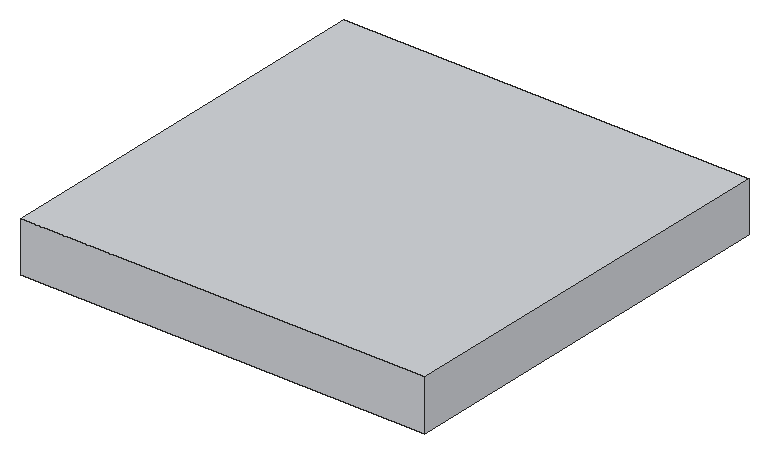
Revit family "00-6017-60-60", category Luminarias, Revit 2019
Family settings
  Anfitrión = Cara
  Cota de conector redondo = Diámetro de uso
  Tipo de pieza = Normal
  Número OmniClass = 23.80.70.00
  Título OmniClass = Lighting
  Corte con vacíos al cargar = No
  Origen de luz = No
  Compartido = Sí
  Punto de cálculo de habitación = No
Parameters (values of type "00-6017-60-60")
  Versión = "v1"
  Vatios (W) = 4.1
  Tipo de regulación = "ON-OFF"
  Tipo = "Pendant"
  Tender text (English) = "LedsC4 Candle 1 Body Surface 00-6017-60-60V3  Pendant for indoor use.   For downlighting. Structure material: Steel, Aluminium. Structure finish: Black. Diffuser material: Methacrylate. Diffuser finish: Transparent. Warranty: 5 Years.  Product net weight (Kg): 0.5 Product width or diameter (mm): 130 Product height (mm): 2500  Class 1. IP: IP20. LED. No. of lampholders or LEDs: 1. LED brand: CREE. Driver brand: HEP. Maximum power of light source: 3.2W. Colour temperature: 2700K. Colour rendering index: 90. MacAdam Steps: 2. Hours of life: 50.000h L80B20. UGR: 22. Photobiological risk: RG1. Real flux (lm): 154. Real lm/W: 38. Voltage / frequency range: 100-240/50-60Hz. Voltage: 9. Equipment included: Yes. Total power: 4.1. Power factor: 0.90. Dimmable equipment included: ON-OFF."
  Tender text (Castellano) = "LedsC4 Candle 1 Body Surface 00-6017-60-60V3  Pendant for indoor use.   For downlighting. Structure material: Steel, Aluminium. Structure finish: Black. Diffuser material: Methacrylate. Diffuser finish: Transparent. Warranty: 5 Years.  Product net weight (Kg): 0.5 Product width or diameter (mm): 130 Product height (mm): 2500  Class 1. IP: IP20. LED. No. of lampholders or LEDs: 1. LED brand: CREE. Driver brand: HEP. Maximum power of light source: 3.2W. Colour temperature: 2700K. Colour rendering index: 90. MacAdam Steps: 2. Hours of life: 50.000h L80B20. UGR: 22. Photobiological risk: RG1. Real flux (lm): 154. Real lm/W: 38. Voltage / frequency range: 100-240/50-60Hz. Voltage: 9. Equipment included: Yes. Total power: 4.1. Power factor: 0.90. Dimmable equipment included: ON-OFF."
  Temperatura color led (K) = "LED warm-white 2700K"
  Referencia = "00-6017-60-60"
  Rayo de luz = "FLOOD"
  Producto descatalogado = "Catalogado EN"
  Pluma comercial = "https://files.ledsc4.com/pl/00-6017-60-60V3.html"
  Peso neto (KG) = 0.5
  Material = "Steel, Aluminium, Methacrylate"
  Lumenes reales (lm) = 154
  LDT = "https://files.ledsc4.com/ldt/00-6017-60-60V3.html"
  Imagen web = "https://files.ledsc4.com/main-photo/00-6017-60-60V3"
  IfcExportType = "NOTDEFINED"
  IfcExportAs = "IfcLightFixture\r\nIfcLightFixture"
  IP = "IP20"
  IMC = "https://files.ledsc4.com/imc/00-6017-60-60V3.html"
  IK = ""
  Fuente de luz = ""
  Fotometría = "https://files.ledsc4.com/fm/00-6017-60-60V3.html"
  Ficha = "https://files.ledsc4.com/ft/en/00-6017-60-60V3.html"
  FechaVersion = "Creada: 06/11/2023"
  Familia = "Candle 1 Body Surface"
  Fabricante = "LEDS C4"  # constant formula
  Etiqueta V/f = "100-240V/50-60Hz"
  Elevación por defecto = 1000 mm
  Eficiencia energética = "G"
  EAN13 = "8435575304574"
  DescripcionUniformat2010 = "Lighting"
  DescripcionUniclass2015 = "Lighting"
  DescripcionOmniclass = "Lighting"
  DescripcionGubimclass = "Iluminación interior"
  CodigoUniformat2010 = "D5040"
  CodigoUniclass2015 = "EF_70_80"
  CodigoOmniclass = "21-04 50 40"
  CodigoGubimclass = "50.60.50.20"
  Catálogo = "Decorative"
  Carga aparente = 0 VA
  CRI = 90
  Acabado = "Black, Transparent"
Reference planes
  plane 1 "Centro (Frontal/Posterior)": y = 0
  plane 2: z = 0
  plane 3 "Centro (Izquierda/Derecha)": x = 0
  plane 4 "Elevación de origen de luz": z = 0
  plane 5 "Eje de origen de luz (F/P)": y = 0
  plane 6 "Eje de origen de luz (I/D)": x = 0
Forms (mm)
  Extrusion 1, solid
    sketch origin (0, 0, 0) x (1, 0, 0) y (0, 1, 0)
      loop
        line (-1219.2, 1219.2) -> (-1219.2, -1219.2) -> (1219.2, -1219.2) -> (1219.2, 1219.2) -> (-1219.2, 1219.2)
    from 0 to -304.8
Dimensions and locks
  aligned and locked: plane 2 to Extrusion 1
  aligned and locked: level to Extrusion 1
Connectors
  electrical at (0, 0, 0)
    settings: on Extrusion 1, index 1, voltage 0 V, apparent load 0 VA, apparent load phase1 0 VA, apparent load phase2 0 VA, apparent load phase3 0 VA, power factor 1, load classification "Otro", number of poles 1, system type 31, power factor state 1, is connector primary yes, connector utility no, sub classification motor no, connector description ""
